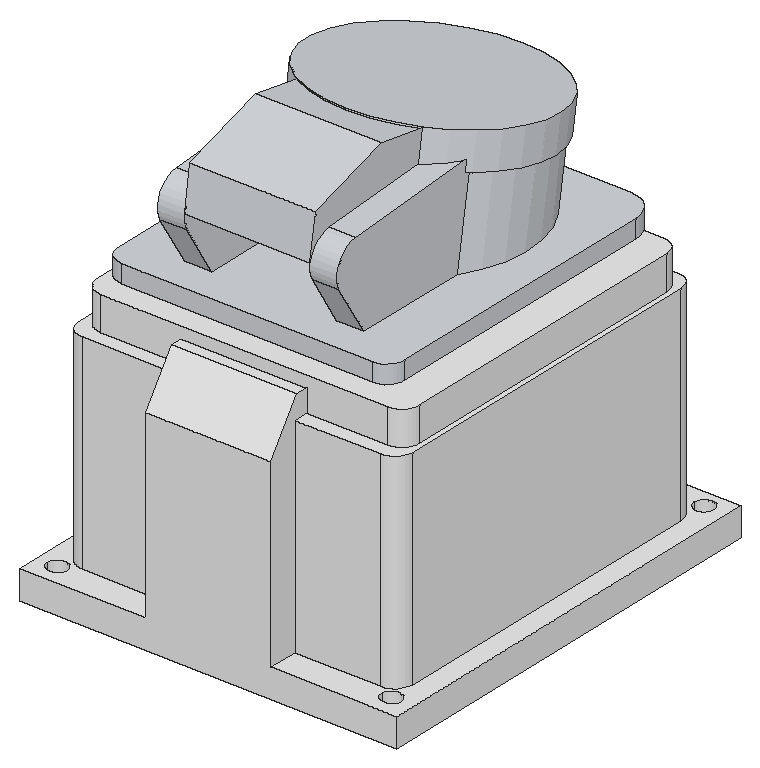
Revit family "Building-IEC309Connections-GEWISS-IEC309HP-10°_SURFACE-MOUNT_SOCKET_32A_IP67", category Apparecchi elettrici, host Superficie, Revit 2019
Family settings
  Host = Superficie
  Mantenere orientamento annotazione = Sì
  Quota connettore circolare = Usa diametro
  Tipo di parte = Normale
  Taglio con vuoti quando caricato = No
  Condiviso = No
  Punto di calcolo locali = Sì
Parameters (values of type "GW62556 - IP67 10°W.RECEPTACLE 3P+E 32A 380V 3H")
  simbolo acceso [instance] = yes
  distanza_simbolo [instance] = 1 mm
  distanza dal piano [instance] = 0 mm
  W = 115 mm  # constant formula
  Version file RFA = "21.11"
  URL = "https://www.gewiss.com/ww/en"
  Typology = "10° angled surface-mounting socket-outlet"
  Type of wiring = "With screw"
  Total number of operations = "-2000"
  Thermo-pressure with ball = "125 °C (active parts) - 80 °C (passive parts)"
  Terminal tightening capacity = "2.5-6mm² flexible cables - 2.5-10mm² rigid cables"
  Technical sheet = "https://www.gewiss.com/ww/en/search?q=GW62556"
  Spostamento_effettivo_S [instance] = 4000 mm - Spostamento_S  # 3045 mm
  Spostamento_S = 955 mm
  Sportello_visibile = yes
  Shock resistance = "IK08"
  SPinotto = Default(2)
  SEO = "Socket outlet"
  Reference h = "3"
  Realized by GEWISS S.p.A. = ""
  Rated voltage = "380-440V"
  Rated current (A) = "32"
  Prospetto di default = 500 mm
  Produttore = "GEWISS S.p.A."
  Piastra = Default(2)
  Permissible overload = "42A"
  Operating temperature: = "-25 +55 °C"
  No. of poles = "3P+E"
  Modello = "GW62556"
  L = 155 mm  # constant formula
  Insulation resistance = "- 10 M?"
  Immagine tipo = (empty or 0)
  IP degree = "IP67"
  IDT = "a26e6f27ce1c4ce1acf7a3737c6fb816"
  IDF = "70548aa2-ccde-4a04-a935-6f21e69494e9"
  Glow wire test: = "850 °C (active parts) - 650 °C (passive parts)"
  Frequency = "50/60 Hz"
  FORMULA = 1000 mm * 1  # 1000 mm
  Electrocod = "2211"
  Description = "IP67 10°W.RECEPTACLE 3P+E 32A 380V 3H"
  Corpo centrale = Default(2)
  Colour: = "Red"
  Catalogue = "BUILDING"
  COBie.Tagnumber = ""
  COBie.CreatedOn = ""
  COBie.CreatebBy = ""
  COBie.ComponentRegisterItemID = ""
  COBie.Component.TagNumber = ""
  COBie.Component.Space = ""
  COBie.Component.SerialNumber = ""
  COBie.Component.InstallationDate = ""
  COBie.Component.Description = ""
  COBie.Component.BarCode = ""
  Breaking capacity at 1.1 Un = "40A"
  BLOCCO = "B=C"
Types (12, lengths in mm): name | Technical sheet | Reference h | Rated voltage | No. of poles | Modello | IDT | Description | Colour:
  GW62434 - IP67 10°W.RECEPTACLE 2P+E 32A 110V 4H | "https://www.gewiss.com/ww/en/search?q=GW62434" | "4" | "100-130V" | "2P+E" | "GW62434" | "986c39143f9c445bb3cac702ed56fa4a" | "IP67 10°W.RECEPTACLE 2P+E 32A 110V 4H" | "Yellow"
  GW62435 - IP67 10°W.RECEPTACLE 3P+E 32A 110V 4H | "https://www.gewiss.com/ww/en/search?q=GW62435" | "4" | "100-130V" | "3P+E" | "GW62435" | "452de1b4badb4e488309a17f806bfc51" | "IP67 10°W.RECEPTACLE 3P+E 32A 110V 4H" | "Yellow"
  GW62436 - IP67 10°W.RECEPTACLE 3P+N+T 32A 110V 4H | "https://www.gewiss.com/ww/en/search?q=GW62436" | "4" | "100-130V" | "3P+N+E" | "GW62436" | "00c5db75744042ec83027d165567999a" | "IP67 10°W.RECEPTACLE 3P+N+T 32A 110V 4H" | "Yellow"
  GW62437 - IP67 10°W.RECEPTACLE 2P+E 32A 230V 6H | "https://www.gewiss.com/ww/en/search?q=GW62437" | "6" | "200-250V" | "2P+E" | "GW62437" | "5ac0320e34bb4a4eaab190f58d3ebf28" | "IP67 10°W.RECEPTACLE 2P+E 32A 230V 6H" | "Blue"
  GW62438 - IP67 10°W.RECEPTACLE 3P+E 32A 230V 9H | "https://www.gewiss.com/ww/en/search?q=GW62438" | "9" | "200-250V" | "3P+E" | "GW62438" | "cab6474b4e844bba955fc98f17608af1" | "IP67 10°W.RECEPTACLE 3P+E 32A 230V 9H" | "Blue"
  GW62439 - IP67 10°W.RECEPTACLE 3P+N+T 32A 230V 9H | "https://www.gewiss.com/ww/en/search?q=GW62439" | "9" | "200-250V" | "3P+N+E" | "GW62439" | "4628fdc84d1548bda3f713b52f0bd3d8" | "IP67 10°W.RECEPTACLE 3P+N+T 32A 230V 9H" | "Blue"
  GW62440 - IP67 10°W.RECEPTACLE 2P+E 32A 400V 9H | "https://www.gewiss.com/ww/en/search?q=GW62440" | "9" | "380-415V" | "2P+E" | "GW62440" | "dec06a8d713645869f1b7bed8814f368" | "IP67 10°W.RECEPTACLE 2P+E 32A 400V 9H" | "Red"
  GW62441 - IP67 10°W.RECEPTACLE 3P+E 32A 400V 6H | "https://www.gewiss.com/ww/en/search?q=GW62441" | "6" | "380-415V" | "3P+E" | "GW62441" | "93e5dbc87a5649be9e448fb37e4556a5" | "IP67 10°W.RECEPTACLE 3P+E 32A 400V 6H" | "Red"
  GW62442 - IP67 10°W.RECEPTACLE 3P+N+T 32A 400V 6H | "https://www.gewiss.com/ww/en/search?q=GW62442" | "6" | "380-415V" | "3P+N+E" | "GW62442" | "7aed0b2448fd483ab265c5073648dcbe" | "IP67 10°W.RECEPTACLE 3P+N+T 32A 400V 6H" | "Red"
  GW62556 - IP67 10°W.RECEPTACLE 3P+E 32A 380V 3H | "https://www.gewiss.com/ww/en/search?q=GW62556" | "3" | "380-440V" | "3P+E" | "GW62556" | "a26e6f27ce1c4ce1acf7a3737c6fb816" | "IP67 10°W.RECEPTACLE 3P+E 32A 380V 3H" | "Red"
  GW62443 - IP67 10°W.RECEPTACLE 3P+E 32A 500V 7H | "https://www.gewiss.com/ww/en/search?q=GW62443" | "7" | "480-500V" | "3P+E" | "GW62443" | "353563d947574bae85385f5dd1700681" | "IP67 10°W.RECEPTACLE 3P+E 32A 500V 7H" | "Black"
  GW62444 - IP67 10°W.RECEPTACLE 3P+N+T 32A 500V 7H | "https://www.gewiss.com/ww/en/search?q=GW62444" | "7" | "480-500V" | "3P+N+E" | "GW62444" | "f0e200fa9ca54c6baa2ba78b5d8a27fd" | "IP67 10°W.RECEPTACLE 3P+N+T 32A 500V 7H" | "Black"
Reference planes
  plane 1 "Centro (Fronte/Retro)": y = 0
  plane 2: z = 0
  plane 3 "Centro (Sinistra/Destra)": x = 0
  plane 4: x = -3000
  plane 5: x = 45
  plane 6: z = 0
Dimensions and locks
  plane 4 to plane 3 "Centro (Sinistra/Destra)" = 3000 mm
  "Spostamento_effettivo_S": plane 4 to plane 5
  "distanza dal piano": plane 6 to plane 2
  aligned and locked: plane 2 to host face
  aligned and locked: level to host face
  aligned and locked: plane 3 "Centro (Sinistra/Destra)" to nested 1
  aligned and locked: plane 1 "Centro (Fronte/Retro)" to nested 1
  aligned and locked: nested 2 to plane 5
  aligned and locked: plane 1 "Centro (Fronte/Retro)" to nested 3
  aligned and locked: plane 3 "Centro (Sinistra/Destra)" to nested 3
Automatic sketch dimensions
  host sketch curve to host sketch curve = 2438.4 mm  (x2)
Nested families
  nested 1: "IEC309 PRESE FISSE PARETE 10' 16A IP44_BASE" at (0, 0, 0), type "IEC309 PRESE FISSE PARETE 10' 16A IP44_BASE"
  nested 2: "GWGW62201FH - SIMBOLO_PRESA" at (45, 171.559, 0), visible <- "simbolo acceso", Distanza dal muro <- "distanza_simbolo", type "3P"
    with SIMBOLO ACCESO yes, Distanza dal muro 1 mm
  nested 3: "GW62412_dett_presa front" at (0, 3.479, 0), type "GW62412_dett_presa front"
Connectors
  electrical at (37.5, 30, 0)
    settings: on nested 1, index 1, voltage 0 V, apparent load 0 VA, apparent load phase1 0 VA, apparent load phase2 0 VA, apparent load phase3 0 VA, power factor 1, load classification "Altro", number of poles 1, system type 31, power factor state 1, is connector primary yes, connector utility no, sub classification motor no, connector description ""
Definition of nested family "IEC309 PRESE FISSE PARETE 10' 16A IP44_BASE"
  Parameters (values of type "IEC309 PRESE FISSE PARETE 10' 16A IP44_BASE")
    sp_ghiera = 16 mm
    r2 = 39 mm
    h = 120 mm  # constant formula
    dis_base = 71 mm
    Sportello = yes
    Spinotto = none
    R1 = 42 mm
    PIASTRA = none
    Lunghezza totale = 140 mm
    CENTRALE = none
    Bsae = 105 mm  # constant formula
  Reference planes
    plane 1 "Centro (Fronte/Retro)": y = 0
    plane 2: z = 0
    plane 3 "Centro (Sinistra/Destra)": x = 0
    plane 4: x = 105
    plane 5: y = 120
    plane 6: x = 52.5
    plane 7: y = 114.875
    plane 8: y = 5.75
    plane 9: x = 5.75
    plane 10: x = 99
    plane 11: z = 8
    plane 12: y = 111.673
    plane 13: y = 8.334
    plane 14: z = 66
    plane 15: x = 7.498
    plane 16: y = 108.673
    plane 17: x = 97.498
    plane 18: y = 12.508
    plane 19: z = 75.463
    plane 20: x = 27.511
    plane 21: x = 32.023
    plane 22: x = 77.489
    plane 23: x = 72.977
    plane 24: x = 35.01
    plane 25: x = 69.99
    plane 26: x = 12.474
    plane 27: y = 107.576
    plane 28: x = 92.474
    plane 29: y = 13.508
  Forms (mm)
    Extrusion 1, solid, material <- "PIASTRA"
      sketch origin (0, 0, 0) x (1, 0, 0) y (0, 1, 0)
        loop
          line (0, 120) -> (0, 0) -> (105, 0) -> (105, 120) -> (0, 120)
      from 0 to 8
    Extrusion 2, void
      sketch origin (0, 0, 0) x (1, 0, 0) y (0, 1, 0)
        loop
          circle (5.75, 114.875) r 2.8
        loop
          circle (99, 114.875) r 2.8
        loop
          circle (5.75, 5.75) r 2.8
        loop
          circle (99, 5.75) r 2.8
      from 0 to 8
    Extrusion 3, solid, material <- "PIASTRA"
      sketch origin (0, 0, 0) x (1, 0, 0) y (0, 1, 0)
        loop
          line (5.75, 106.673) -> (5.75, 13.334)
          arc (5.75, 13.334) -> (7.214, 9.799) -> (10.75, 8.334) r 5
          line (10.75, 8.334) -> (94, 8.334)
          arc (94, 8.334) -> (97.536, 9.799) -> (99, 13.334) r 5
          line (99, 13.334) -> (99, 106.673)
          arc (99, 106.673) -> (97.536, 110.208) -> (94, 111.673) r 5
          line (94, 111.673) -> (10.75, 111.673)
          arc (10.75, 111.673) -> (7.214, 110.208) -> (5.75, 106.673) r 5
      from 8 to 66
    Extrusion 4, solid, material <- "PIASTRA"
      sketch origin (0, 0, 0) x (1, 0, 0) y (0, 1, 0)
        loop
          arc (12.498, 108.673) -> (8.962, 107.208) -> (7.498, 103.673) r 5
          line (7.498, 103.673) -> (7.498, 17.508)
          arc (7.498, 17.508) -> (8.962, 13.972) -> (12.498, 12.508) r 5
          line (12.498, 12.508) -> (92.498, 12.508)
          arc (92.498, 12.508) -> (96.033, 13.972) -> (97.498, 17.508) r 5
          line (97.498, 17.508) -> (97.498, 103.673)
          arc (97.498, 103.673) -> (96.033, 107.208) -> (92.498, 108.673) r 5
          line (92.498, 108.673) -> (12.498, 108.673)
      from 66 to 75.463
    Extrusion 5, solid, material <- "PIASTRA"
      sketch origin (0, 110, 0) x (0, -1, 0) y (0, 0, -1)
        loop
          line (-10, 0) -> (-10, -59.349) -> (-0.915, -72.253) -> (2.903, -72.253) -> (2.903, 0) -> (-10, 0)
      from 35.01 to 69.99
    Extrusion 6, solid, material <- "PIASTRA"
      sketch origin (0, 10, 0) x (0, 1, 0) y (0, 0, 1)
        loop
          line (-10, 0) -> (2.508, 0) -> (2.508, 72.253) -> (-0.915, 72.253) -> (-10, 59.349) -> (-10, 0)
      from 35.01 to 69.99
    Extrusion 7, solid
      sketch origin (0, 0, 0) x (1, 0, 0) y (0, 1, 0)
        loop
          arc (12.474, 18.508) -> (13.938, 14.972) -> (17.474, 13.508) r 5
          line (17.474, 13.508) -> (87.474, 13.508)
          arc (87.474, 13.508) -> (91.009, 14.972) -> (92.474, 18.508) r 5
          line (92.474, 18.508) -> (92.474, 99.118)
          arc (92.474, 99.118) -> (89.997, 105.099) -> (84.016, 107.576) r 8.458
          line (84.016, 107.576) -> (17.474, 107.576)
          arc (17.474, 107.576) -> (13.938, 106.111) -> (12.474, 102.576) r 5
          line (12.474, 102.576) -> (12.474, 18.508)
      from 79.524 to 84.524
    Sweep 8, solid
      path origin (0, 0, 0) x (0, 1, 0) y (0, 0, 1)
        loop
          line (76.838, 105.496) -> (78.575, 115.349)
      profile origin (0, 77.707, 110.423) x (0, -0.984808, 0.173648) y (1, 0, 0)
        loop
          circle (0, 52.5) r 31.5
    Extrusion 9, solid
      sketch origin (0, 0, 0) x (0, 1, 0) y (0, 0, 1)
        loop
          arc (13.666, 103.089) -> (15.893, 107.235) -> (20.216, 109.093) r 7.136
          line (20.216, 109.093) -> (51.287, 111.282) -> (52.751, 119.59) -> (38.491, 122.104) -> (15.564, 115.091) -> (13.666, 103.089)
      from 35.01 to 69.99
    Sweep 10, solid
      path origin (0, 0, 0) x (0, 1, 0) y (0, 0, 1)
        loop
          line (76.838, 105.496) -> (72.258, 79.524)
      profile origin (0, 74.548, 92.51) x (0, 0.984808, -0.173648) y (1, 0, 0)
        loop
          circle (0, 52.5) r 30.5
    Extrusion 11, solid
      sketch origin (0, 0, 0) x (0, 1, 0) y (0, 0, 1)
        loop
          arc (20.216, 109.093) -> (14.465, 105.419) -> (14.43, 98.594) r 7.136
          line (14.43, 98.594) -> (23.098, 84.524) -> (56.917, 84.524) -> (61.765, 112.02) -> (20.216, 109.093)
      from 27.511 to 35.01
    Extrusion 12, solid
      sketch origin (105, 0, 0) x (0, 1, 0) y (0, 0, -1)
        loop
          line (20.216, -109.093) -> (61.765, -112.02) -> (56.917, -84.524) -> (23.098, -84.524) -> (14.43, -98.594)
          arc (14.43, -98.594) -> (14.465, -105.419) -> (20.216, -109.093) r 7.136
      from 27.511 to 35.01
  Cuts and joins
    Extrusion 2 cuts Extrusion 1
    joined: Extrusion 1, Extrusion 3, Extrusion 5, Extrusion 6
    joined: Extrusion 7, Sweep 10, Extrusion 11, Extrusion 12
  Dimensions and locks
    plane 3 "Centro (Sinistra/Destra)" to plane 4 = 105 mm
    plane 1 "Centro (Fronte/Retro)" to plane 5 = 120 mm
    equal spacing: plane 3 "Centro (Sinistra/Destra)", plane 6, plane 4
    locked: plane 3 "Centro (Sinistra/Destra)" to plane 9 at 5.75
    locked: plane 10 to plane 4 at 6
    locked: plane 1 "Centro (Fronte/Retro)" to plane 8 at 5.75
    locked: plane 5 to plane 7 at 5.125
    locked: plane 11 to level at 8
    "Bsae": plane 3 "Centro (Sinistra/Destra)" to plane 4
    "h": plane 1 "Centro (Fronte/Retro)" to plane 5
    locked: plane 12 to plane 7 at 3.202
    locked: plane 8 to plane 13 at 2.584
    locked: plane 14 to plane 11 at 58
    locked: plane 17 to plane 10 at 1.502
    locked: plane 20 to plane 21 at 4.513
    locked: plane 23 to plane 22 at 4.513
    equal spacing: plane 20, plane 6, plane 22
    locked: plane 12 to plane 16 at 3
    equal spacing: plane 24, plane 6, plane 25
    plane 24 to plane 25 = 34.979 mm
    locked: plane 16 to plane 27 at 1.097
    locked: plane 9 to plane 26 at 6.724
    locked: plane 28 to plane 10 at 6.526
    plane 18 to plane 29 = 1 mm
    diameter of cut or joined group of Extrusion 1, Extrusion 2, Extrusion 3, Extrusion 5, Extrusion 6 = 5.6 mm
    radius of Extrusion 3 sketch curve = 5 mm  (x3)
    radius of Extrusion 4 sketch curve = 5 mm  (x3)
    radius of Extrusion 7 sketch curve = 5 mm  (x3)
    radius of Extrusion 7 sketch curve = 8.458 mm
    aligned and locked: level to plane 2
    aligned and locked: Extrusion 1 sketch curve to plane 3 "Centro (Sinistra/Destra)"
    aligned and locked: Extrusion 1 sketch curve to plane 5
    aligned and locked: Extrusion 1 sketch curve to plane 4
    aligned and locked: Extrusion 1 sketch curve to plane 1 "Centro (Fronte/Retro)"
    aligned and locked: plane 11 to Extrusion 1
    aligned and locked: plane 9 to Extrusion 2 sketch curve  (x2)
    aligned and locked: plane 7 to Extrusion 2 sketch curve  (x2)
    aligned and locked: plane 10 to Extrusion 2 sketch curve  (x2)
    aligned and locked: plane 8 to Extrusion 2 sketch curve  (x2)
    aligned and locked: cut or joined group of Extrusion 1, Extrusion 2, Extrusion 3, Extrusion 5, Extrusion 6 to level
    aligned and locked: Extrusion 1 to Extrusion 2
    aligned and locked: Extrusion 3 sketch curve to plane 9
    aligned and locked: Extrusion 3 sketch curve to plane 10
    aligned and locked: Extrusion 3 sketch curve to plane 13
    aligned and locked: plane 12 to Extrusion 3 sketch curve
    aligned and locked: plane 14 to Extrusion 3
    aligned and locked: Extrusion 3 to plane 11
    aligned and locked: Extrusion 4 sketch curve to plane 16
    aligned and locked: Extrusion 4 sketch curve to plane 15
    aligned and locked: Extrusion 4 sketch curve to plane 17
    aligned and locked: Extrusion 4 sketch curve to plane 18
    aligned and locked: Extrusion 4 to plane 14
    aligned and locked: Extrusion 4 to plane 19
    aligned and locked: Extrusion 5 to plane 25
    aligned and locked: Extrusion 5 to plane 24
    aligned and locked: Extrusion 7 sketch curve to plane 26
    aligned and locked: Extrusion 7 sketch curve to plane 27
    aligned and locked: Extrusion 7 sketch curve to plane 28
    aligned and locked: plane 29 to Extrusion 7 sketch curve
    aligned and locked: Extrusion 6 sketch curve to plane 18
    aligned and locked: plane 6 to Sweep 8 sketch curve
    aligned and locked: plane 24 to Extrusion 9
    aligned and locked: Extrusion 9 to plane 25
    aligned and locked: plane 6 to Sweep 10 sketch curve
    aligned and locked: Extrusion 11 sketch curve to Extrusion 9  (x2)
    aligned and locked: Extrusion 7 to Extrusion 11 sketch curve
    aligned and locked: Extrusion 11 to plane 20
    aligned and locked: Extrusion 11 to cut or joined group of Extrusion 1, Extrusion 2, Extrusion 3, Extrusion 5, Extrusion 6
  Automatic sketch dimensions
    plane 26 to Extrusion 3 sketch curve = 1.724 mm
    Extrusion 4 sketch curve to plane 26 = 0.024 mm
    Extrusion 5 sketch curve to level = 0 mm
    Extrusion 5 sketch curve to plane 5 = 0 mm
    Extrusion 5 sketch curve to plane 12 = 0.758 mm
    plane 27 to Extrusion 5 sketch curve = 0.479 mm
    plane 14 to Extrusion 5 sketch curve = 6.651 mm
    Extrusion 5 sketch curve to plane 19 = 3.211 mm
    Extrusion 6 sketch curve to level = 0 mm
    Extrusion 6 sketch curve to plane 1 "Centro (Fronte/Retro)" = 0 mm
    Extrusion 6 sketch curve to plane 13 = 0.751 mm
    Extrusion 6 sketch curve to plane 14 = 6.651 mm
    Extrusion 7 sketch curve to Extrusion 7 sketch curve = 0 mm
    Sweep 8 sketch curve to plane 27 = 30.738 mm
    Sweep 8 sketch curve to plane 19 = 30.033 mm
    Sweep 8 sketch curve to Sweep 8 sketch curve = 1.737 mm
    Sweep 8 sketch curve to Sweep 8 sketch curve = 9.852 mm
    Sweep 8 sketch curve to profile plane = 0 mm
    Extrusion 9 sketch curve to Extrusion 9 sketch curve = 18.275 mm
    Extrusion 9 sketch curve to plane 19 = 35.818 mm
    Extrusion 9 sketch curve to Extrusion 9 sketch curve = 1.465 mm
    Extrusion 9 sketch curve to Extrusion 9 sketch curve = 8.308 mm
    plane 29 to Extrusion 9 sketch curve = 0.158 mm
    Extrusion 9 sketch curve to Extrusion 9 sketch curve = 0 mm  (x2)
    Sweep 10 sketch curve to plane 19 = 4.061 mm
    Sweep 10 sketch curve to plane 27 = 35.317 mm
    Sweep 10 sketch curve to Sweep 10 sketch curve = 4.58 mm
    Sweep 10 sketch curve to Sweep 10 sketch curve = 25.972 mm
    Sweep 10 sketch curve to profile plane = 0 mm
    Extrusion 11 sketch curve to Extrusion 11 sketch curve = 33.818 mm
    Extrusion 11 sketch curve to plane 19 = 36.557 mm
    plane 29 to Extrusion 12 sketch curve = 0.922 mm
    plane 29 to Extrusion 12 sketch curve = 6.708 mm
    Extrusion 12 sketch curve to Extrusion 12 sketch curve = 0.498 mm
    plane 29 to Extrusion 12 sketch curve = 9.591 mm
    Extrusion 12 sketch curve to plane 19 = 9.061 mm
    Extrusion 12 sketch curve to Extrusion 12 sketch curve = 33.818 mm
    Extrusion 12 sketch curve to Extrusion 12 sketch curve = 4.848 mm
    Extrusion 12 sketch curve to Extrusion 12 sketch curve = 14.07 mm
    Extrusion 12 sketch curve to Extrusion 12 sketch curve = 3.38 mm
    Extrusion 12 sketch curve to Extrusion 12 sketch curve = 27.496 mm
    plane 19 to Extrusion 6 sketch curve = 3.211 mm
    plane 29 to Extrusion 9 sketch curve = 2.056 mm
    plane 29 to Extrusion 9 sketch curve = 6.708 mm
    Extrusion 9 sketch curve to Extrusion 9 sketch curve = 7.048 mm
    Extrusion 9 sketch curve to Extrusion 9 sketch curve = 12.795 mm
    Extrusion 9 sketch curve to Extrusion 9 sketch curve = 2.189 mm
    Extrusion 9 sketch curve to Extrusion 9 sketch curve = 7.118 mm
    Extrusion 9 sketch curve to Extrusion 9 sketch curve = 5.998 mm
    Extrusion 9 sketch curve to Extrusion 9 sketch curve = 2.514 mm
    plane 29 to Extrusion 11 sketch curve = 0.922 mm
    plane 29 to Extrusion 11 sketch curve = 9.591 mm
    radius of Extrusion 2 sketch curve = 2.8 mm  (x4)
    radius of Sweep 8 sketch curve = 31.5 mm
    radius of Sweep 10 sketch curve = 30.5 mm
Definition of nested family "GWGW62201FH - SIMBOLO_PRESA"
  Parameters (values of type "3P")
    SIMBOLO ACCESO [instance] = yes
    Distanza dal muro [instance] = 0 mm
  Reference planes
    plane 1: y = 0
    plane 2: x = 0
  Dimensions and locks
    "Distanza dal muro": plane 1 to nested 1
    aligned and locked: plane 2 to nested 1
  Nested families
    nested 1: "GWGW62201FH - SIMBOLO" at (0, 0, 0), visible <- "SIMBOLO ACCESO", type "3P"
  Definition of nested family "GWGW62201FH - SIMBOLO"
    Parameters (values of type "3P")
      CORNICE SIMBOLO [instance] = yes
      3P = yes
    Reference planes
      plane 1: y = 0
      plane 2: x = 0
    Lines and regions (mm)
      detail lines
        curve 1: circle (-0.314, 0.674, 0) r 0.057 normal (0, 0, 1)
        curve 2: arc (0.346, -0.009, 0) -> (0, 0.337, 0) -> (-0.346, -0.009, 0) r 0.346
        curve 3: line (0, 0.337, 0) -> (0.346, 0.337, 0)
        curve 4: line (0, 3.386, 0) -> (0, 0.337, 0)
        curve 5: line (0, 0.337, 0) -> (-0.314, 0.674, 0)
Definition of nested family "GW62412_dett_presa front"
  Reference planes
    plane 1 "Centro (Fronte/Retro)": y = 0
    plane 2: z = 0
    plane 3 "Centro (Sinistra/Destra)": x = 0
  Lines and regions (mm)
    detail lines, in view "Livello rif."
      curve 1: arc (74.277, 69.357, 0) -> (52.474, 77.362, 0) -> (30.67, 69.357, 0) r 33.699
      curve 2: spline (30.67, 70.944, 0) -> (28.735, 69.156, 0) -> (26.952, 67.222, 0) -> (25.33, 65.154, 0) -> (23.88, 62.966, 0) -> (22.612, 60.671, 0) -> (21.534, 58.284, 0) -> (20.652, 55.82, 0) -> (19.972, 53.294, 0) -> (19.498, 50.723, 0) -> (19.233, 48.123, 0) -> (19.18, 45.511, 0) -> (19.338, 42.903, 0)
      curve 3: spline (85.61, 42.911, 0) -> (85.767, 45.518, 0) -> (85.713, 48.13, 0) -> (85.448, 50.729, 0) -> (84.974, 53.299, 0) -> (84.294, 55.824, 0) -> (83.412, 58.287, 0) -> (82.333, 60.674, 0) -> (81.066, 62.968, 0) -> (79.616, 65.156, 0) -> (77.995, 67.223, 0) -> (76.211, 69.157, 0) -> (74.277, 70.944, 0)
      curve 4: spline (31.986, 99.872, 0) -> (31.814, 99.86, 0) -> (31.645, 99.826, 0) -> (31.482, 99.769, 0) -> (31.328, 99.691, 0) -> (31.185, 99.593, 0) -> (31.055, 99.476, 0) -> (30.942, 99.344, 0) -> (30.846, 99.197, 0) -> (30.77, 99.038, 0) -> (30.715, 98.871, 0) -> (30.681, 98.698, 0) -> (30.67, 98.521, 0)
      curve 5: line (31.17, 79.876, 0) -> (30.788, 79.987, 0)
      curve 6: line (31.307, 79.868, 0) -> (30.788, 79.987, 0)
      curve 7: line (73.643, 79.874, 0) -> (31.307, 79.868, 0)
      curve 8: line (73.779, 79.883, 0) -> (74.16, 79.994, 0)
      curve 9: line (73.643, 79.874, 0) -> (74.16, 79.994, 0)
      curve 10: spline (74.277, 98.521, 0) -> (74.266, 98.698, 0) -> (74.232, 98.871, 0) -> (74.177, 99.039, 0) -> (74.101, 99.197, 0) -> (74.005, 99.344, 0) -> (73.892, 99.477, 0) -> (73.762, 99.593, 0) -> (73.619, 99.691, 0) -> (73.464, 99.769, 0) -> (73.301, 99.826, 0) -> (73.132, 99.86, 0) -> (72.96, 99.872, 0)
      curve 11: spline (78.446, 44.022, 0) -> (77.561, 50.642, 0) -> (74.967, 56.811, 0) -> (70.839, 62.109, 0) -> (65.46, 66.173, 0) -> (59.196, 68.729, 0) -> (52.474, 69.6, 0) -> (45.751, 68.729, 0) -> (39.487, 66.173, 0) -> (34.108, 62.109, 0) -> (29.98, 56.811, 0) -> (27.386, 50.642, 0) -> (26.501, 44.022, 0) -> (27.386, 37.402, 0) -> (29.98, 31.233, 0) -> (34.108, 25.935, 0) -> (39.487, 21.87, 0) -> (45.751, 19.315, 0) -> (52.474, 18.444, 0) -> (59.196, 19.315, 0) -> (65.46, 21.87, 0) -> (70.839, 25.935, 0) -> (74.967, 31.233, 0) -> (77.561, 37.402, 0) -> (78.446, 44.022, 0)
      curve 12: arc (19.505, 41.246, 0) -> (20.828, 34.911, 0) -> (23.388, 28.967, 0) r 32.303
      curve 13: arc (23.387, 28.966, 0) -> (26.643, 24.163, 0) -> (30.695, 20.01, 0) r 32.746
      curve 14: arc (30.857, 19.805, 0) -> (31.078, 19.376, 0) -> (31.309, 18.951, 0) r 22.139
      curve 15: line (74.253, 20.011, 0) -> (31.309, 18.951, 0)
      curve 16: spline (74.253, 20.011, 0) -> (75.871, 21.5, 0) -> (77.385, 23.091, 0) -> (78.789, 24.778, 0) -> (80.076, 26.554, 0) -> (81.241, 28.409, 0) -> (82.278, 30.336, 0) -> (83.184, 32.326, 0) -> (83.953, 34.371, 0) -> (84.583, 36.461, 0) -> (85.07, 38.587, 0) -> (85.413, 40.74, 0) -> (85.61, 42.911, 0)
      curve 17: arc (30.237, 74.6, 0) -> (30.557, 75.043, 0) -> (30.67, 75.578, 0) r 1.321
      curve 18: spline (30.237, 74.6, 0) -> (28.626, 73.008, 0) -> (27.126, 71.308, 0) -> (25.744, 69.508, 0) -> (24.485, 67.617, 0) -> (23.356, 65.643, 0) -> (22.362, 63.595, 0) -> (21.507, 61.483, 0) -> (20.796, 59.317, 0) -> (20.232, 57.106, 0) -> (19.817, 54.862, 0) -> (19.553, 52.593, 0) -> (19.442, 50.311, 0)
      curve 19: spline (85.505, 50.311, 0) -> (85.394, 52.595, 0) -> (85.13, 54.865, 0) -> (84.714, 57.112, 0) -> (84.149, 59.324, 0) -> (83.437, 61.492, 0) -> (82.581, 63.605, 0) -> (81.585, 65.654, 0) -> (80.454, 67.629, 0) -> (79.194, 69.522, 0) -> (77.809, 71.322, 0) -> (76.307, 73.022, 0) -> (74.694, 74.614, 0)
      curve 20: arc (74.277, 75.578, 0) -> (74.386, 75.053, 0) -> (74.694, 74.614, 0) r 1.321
      curve 21: line (74.277, 69.357, 0) -> (74.277, 78.193, 0)
      curve 22: line (74.277, 78.193, 0) -> (74.277, 98.521, 0)
      curve 23: line (30.67, 98.521, 0) -> (30.67, 78.193, 0)
      curve 24: line (30.67, 78.193, 0) -> (30.67, 69.357, 0)
      curve 25: line (31.986, 99.872, 0) -> (35.493, 99.872, 0)
      curve 26: line (35.493, 99.872, 0) -> (36.167, 99.872, 0)
      curve 27: line (36.167, 99.872, 0) -> (68.782, 99.872, 0)
      curve 28: line (68.782, 99.872, 0) -> (69.454, 99.872, 0)
      curve 29: line (69.454, 99.872, 0) -> (72.96, 99.872, 0)
      curve 30: line (19.505, 41.246, 0) -> (19.338, 42.903, 0)
      curve 31: arc (84.55, 7.455, 0) -> (90.155, 9.826, 0) -> (92.47, 15.455, 0) r 8
      curve 32: arc (12.47, 15.455, 0) -> (14.785, 9.826, 0) -> (20.39, 7.455, 0) r 8
      curve 33: circle (82.469, 90.102, 0) r 2.09 normal (0, 0, 1)
      curve 34: circle (22.469, 90.102, 0) r 2.072 normal (0, 0, 1)
      curve 35: circle (22.469, 20.094, 0) r 2.068 normal (0, 0, 1)
      curve 36: circle (82.468, 20.094, 0) r 2.075 normal (0, 0, 1)
      curve 37: line (72.295, 30.252, 0) -> (71.634, 29.591, 0)
      curve 38: spline (33.313, 29.591, 0) -> (36.445, 29.452, 0) -> (39.611, 29.337, 0) -> (42.803, 29.248, 0) -> (46.016, 29.185, 0) -> (49.241, 29.146, 0) -> (52.474, 29.133, 0) -> (55.706, 29.146, 0) -> (58.932, 29.185, 0) -> (62.144, 29.248, 0) -> (65.336, 29.337, 0) -> (68.502, 29.452, 0) -> (71.634, 29.591, 0)
      curve 39: line (33.313, 29.591, 0) -> (32.652, 30.252, 0)
      curve 40: spline (71.634, 29.605, 0) -> (71.721, 29.614, 0) -> (71.805, 29.633, 0) -> (71.887, 29.663, 0) -> (71.965, 29.703, 0) -> (72.036, 29.751, 0) -> (72.101, 29.808, 0) -> (72.158, 29.873, 0) -> (72.206, 29.943, 0) -> (72.245, 30.019, 0) -> (72.272, 30.098, 0) -> (72.289, 30.18, 0) -> (72.295, 30.263, 0)
      curve 41: spline (32.652, 30.263, 0) -> (32.658, 30.18, 0) -> (32.675, 30.098, 0) -> (32.702, 30.019, 0) -> (32.741, 29.943, 0) -> (32.789, 29.873, 0) -> (32.846, 29.808, 0) -> (32.911, 29.751, 0) -> (32.982, 29.703, 0) -> (33.06, 29.663, 0) -> (33.142, 29.633, 0) -> (33.227, 29.614, 0) -> (33.313, 29.605, 0)
      curve 42: line (32.652, 57.58, 0) -> (33.306, 58.218, 0)
      curve 43: spline (33.306, 58.218, 0) -> (36.44, 58.079, 0) -> (39.607, 57.965, 0) -> (42.8, 57.876, 0) -> (46.013, 57.812, 0) -> (49.24, 57.774, 0) -> (52.474, 57.761, 0) -> (55.707, 57.774, 0) -> (58.934, 57.812, 0) -> (62.147, 57.876, 0) -> (65.34, 57.965, 0) -> (68.507, 58.079, 0) -> (71.641, 58.218, 0)
      curve 44: line (71.641, 58.218, 0) -> (72.295, 57.58, 0)
      curve 45: arc (20.474, 102.411, 0) -> (14.817, 100.068, 0) -> (12.474, 94.411, 0) r 8
      curve 46: line (75.894, 3.927, 0) -> (75.894, -5.164, 0)
      curve 47: line (40.888, 2.242, 0) -> (40.888, -3.479, 0)
      curve 48: line (40.888, -3.479, 0) -> (64.112, -3.479, 0)
      curve 49: line (64.112, -3.479, 0) -> (64.112, 2.242, 0)
      curve 50: line (64.112, 2.242, 0) -> (40.888, 2.242, 0)
      curve 51: line (25.69, -5.164, 0) -> (25.69, 3.927, 0)
      curve 52: line (97.995, 9.084, 0) -> (97.771, 7.739, 0)
      curve 53: line (97.771, 7.739, 0) -> (97.315, 6.51, 0)
      curve 54: line (97.315, 6.51, 0) -> (95.413, 4.6, 0)
      curve 55: line (95.413, 4.6, 0) -> (94.176, 4.036, 0)
      curve 56: line (94.176, 4.036, 0) -> (92.831, 3.927, 0)
      curve 57: line (92.831, 3.927, 0) -> (12.275, 3.927, 0)
      curve 58: line (12.275, 3.927, 0) -> (10.922, 4.036, 0)
      curve 59: line (10.922, 4.036, 0) -> (9.693, 4.6, 0)
      curve 60: line (9.693, 4.6, 0) -> (8.68, 5.381, 0)
      curve 61: line (8.68, 5.381, 0) -> (7.783, 6.51, 0)
      curve 62: line (7.783, 6.51, 0) -> (7.335, 7.739, 0)
      curve 63: line (7.335, 7.739, 0) -> (7.111, 9.084, 0)
      curve 64: line (7.111, 9.084, 0) -> (7.111, 100.587, 0)
      curve 65: line (9.2, 1.229, 0) -> (8.976, 2.466, 0)
      curve 66: line (8.976, 2.466, 0) -> (8.303, 3.479, 0)
      curve 67: line (8.303, 3.479, 0) -> (7.29, 4.151, 0)
      curve 68: line (7.29, 4.151, 0) -> (6.053, 4.376, 0)
      curve 69: line (6.053, 4.376, 0) -> (4.932, 4.151, 0)
      curve 70: line (4.932, 4.151, 0) -> (3.92, 3.479, 0)
      curve 71: line (3.92, 3.479, 0) -> (3.247, 2.466, 0)
      curve 72: line (3.247, 2.466, 0) -> (3.031, 1.229, 0)
      curve 73: line (3.031, 1.229, 0) -> (3.247, 0.108, 0)
      curve 74: line (3.247, 0.108, 0) -> (3.92, -0.897, 0)
      curve 75: line (3.92, -0.897, 0) -> (4.932, -1.569, 0)
      curve 76: line (4.932, -1.569, 0) -> (6.053, -1.801, 0)
      curve 77: line (6.053, -1.801, 0) -> (7.29, -1.569, 0)
      curve 78: line (7.29, -1.569, 0) -> (8.303, -0.897, 0)
      curve 79: line (8.303, -0.897, 0) -> (8.976, 0.108, 0)
      curve 80: line (8.976, 0.108, 0) -> (9.2, 1.229, 0)
      curve 81: line (101.969, 1.229, 0) -> (101.745, 0.108, 0)
      curve 82: line (101.745, 0.108, 0) -> (101.073, -0.897, 0)
      curve 83: line (101.073, -0.897, 0) -> (100.06, -1.569, 0)
      curve 84: line (100.06, -1.569, 0) -> (98.94, -1.801, 0)
      curve 85: line (98.94, -1.801, 0) -> (97.703, -1.569, 0)
      curve 86: line (97.703, -1.569, 0) -> (96.697, -0.897, 0)
      curve 87: line (96.697, -0.897, 0) -> (96.024, 0.108, 0)
      curve 88: line (96.024, 0.108, 0) -> (95.8, 1.229, 0)
      curve 89: line (95.8, 1.229, 0) -> (96.024, 2.466, 0)
      curve 90: line (96.024, 2.466, 0) -> (96.697, 3.479, 0)
      curve 91: line (96.697, 3.479, 0) -> (97.703, 4.151, 0)
      curve 92: line (97.703, 4.151, 0) -> (98.94, 4.376, 0)
      curve 93: line (98.94, 4.376, 0) -> (100.06, 4.151, 0)
      curve 94: line (100.06, 4.151, 0) -> (101.073, 3.479, 0)
      curve 95: line (101.073, 3.479, 0) -> (101.745, 2.466, 0)
      curve 96: line (101.745, 2.466, 0) -> (101.969, 1.229, 0)
      curve 97: line (99.836, -5.164, 0) -> (101.181, -4.94, 0)
      curve 98: line (101.181, -4.94, 0) -> (102.418, -4.492, 0)
      curve 99: line (102.418, -4.492, 0) -> (103.431, -3.595, 0)
      curve 100: line (103.431, -3.595, 0) -> (104.327, -2.582, 0)
      curve 101: line (104.327, -2.582, 0) -> (104.776, -1.353, 0)
      curve 102: line (104.776, -1.353, 0) -> (105, 0, 0)
      curve 103: line (105, 0, 0) -> (105, 109.671, 0)
      curve 104: line (100.662, 114.769, 0) -> (99.836, 114.836, 0)
      curve 105: line (99.836, 114.836, 0) -> (5.156, 114.836, 0)
      curve 106: line (0, 109.39, 0) -> (0, 0, 0)
      curve 107: line (0, 0, 0) -> (0.224, -1.353, 0)
      curve 108: line (0.224, -1.353, 0) -> (0.672, -2.582, 0)
      curve 109: line (0.672, -2.582, 0) -> (1.569, -3.595, 0)
      curve 110: line (1.569, -3.595, 0) -> (2.574, -4.492, 0)
      curve 111: line (2.574, -4.492, 0) -> (3.811, -4.94, 0)
      curve 112: line (3.811, -4.94, 0) -> (5.156, -5.164, 0)
      curve 113: line (5.156, -5.164, 0) -> (99.836, -5.164, 0)
      curve 114: line (75.894, 114.836, 0) -> (75.894, 105.751, 0)
      curve 115: line (25.69, 114.836, 0) -> (25.69, 105.751, 0)
      curve 116: line (9.2, 108.442, 0) -> (8.976, 107.205, 0)
      curve 117: line (8.976, 107.205, 0) -> (8.303, 106.307, 0)
      curve 118: line (8.303, 106.307, 0) -> (7.29, 105.634, 0)
      curve 119: line (7.29, 105.634, 0) -> (6.053, 105.302, 0)
      curve 120: line (6.053, 105.302, 0) -> (4.932, 105.634, 0)
      curve 121: line (4.932, 105.634, 0) -> (3.92, 106.307, 0)
      curve 122: line (3.92, 106.307, 0) -> (3.247, 107.205, 0)
      curve 123: line (3.247, 107.205, 0) -> (3.031, 108.442, 0)
      curve 124: line (3.031, 108.442, 0) -> (3.247, 109.679, 0)
      curve 125: line (3.247, 109.679, 0) -> (3.92, 110.683, 0)
      curve 126: line (3.92, 110.683, 0) -> (4.932, 111.356, 0)
      curve 127: line (4.932, 111.356, 0) -> (6.053, 111.579, 0)
      curve 128: line (6.053, 111.579, 0) -> (7.29, 111.356, 0)
      curve 129: line (7.29, 111.356, 0) -> (8.303, 110.683, 0)
      curve 130: line (8.303, 110.683, 0) -> (8.976, 109.679, 0)
      curve 131: line (8.976, 109.679, 0) -> (9.2, 108.442, 0)
      curve 132: line (7.111, 100.587, 0) -> (7.335, 101.932, 0)
      curve 133: line (7.335, 101.932, 0) -> (7.783, 103.169, 0)
      curve 134: line (7.783, 103.169, 0) -> (8.68, 104.289, 0)
      curve 135: line (8.68, 104.289, 0) -> (9.693, 105.079, 0)
      curve 136: line (9.693, 105.079, 0) -> (10.922, 105.634, 0)
      curve 137: line (10.922, 105.634, 0) -> (12.275, 105.751, 0)
      curve 138: line (12.275, 105.751, 0) -> (92.831, 105.751, 0)
      curve 139: line (92.831, 105.751, 0) -> (94.176, 105.634, 0)
      curve 140: line (94.176, 105.634, 0) -> (95.413, 105.079, 0)
      curve 141: line (95.413, 105.079, 0) -> (96.418, 104.289, 0)
      curve 142: line (96.418, 104.289, 0) -> (97.315, 103.169, 0)
      curve 143: line (97.315, 103.169, 0) -> (97.771, 101.932, 0)
      curve 144: line (97.771, 101.932, 0) -> (97.995, 100.587, 0)
      curve 145: line (97.995, 100.587, 0) -> (97.995, 9.084, 0)
      curve 146: line (101.969, 108.442, 0) -> (101.745, 109.679, 0)
      curve 147: line (101.745, 109.679, 0) -> (101.073, 110.683, 0)
      curve 148: line (101.073, 110.683, 0) -> (100.06, 111.356, 0)
      curve 149: line (100.06, 111.356, 0) -> (98.94, 111.579, 0)
      curve 150: line (98.94, 111.579, 0) -> (97.703, 111.356, 0)
      curve 151: line (97.703, 111.356, 0) -> (96.697, 110.683, 0)
      curve 152: line (96.697, 110.683, 0) -> (96.024, 109.679, 0)
      curve 153: line (96.024, 109.679, 0) -> (95.8, 108.442, 0)
      curve 154: line (95.8, 108.442, 0) -> (96.024, 107.205, 0)
      curve 155: line (96.024, 107.205, 0) -> (96.697, 106.307, 0)
      curve 156: line (96.697, 106.307, 0) -> (97.703, 105.634, 0)
      curve 157: line (97.703, 105.634, 0) -> (98.94, 105.302, 0)
      curve 158: line (98.94, 105.302, 0) -> (100.06, 105.634, 0)
      curve 159: line (100.06, 105.634, 0) -> (101.073, 106.307, 0)
      curve 160: line (101.073, 106.307, 0) -> (101.745, 107.205, 0)
      curve 161: line (101.745, 107.205, 0) -> (101.969, 108.442, 0)
      curve 162: line (39.539, 102.419, 0) -> (67.903, 102.419, 0)
      curve 163: line (67.903, 102.419, 0) -> (39.539, 102.419, 0)
      curve 164: line (39.539, 102.419, 0) -> (67.903, 102.419, 0)
      curve 165: line (57.62, 7.365, 0) -> (84.55, 7.455, 0)
      curve 166: line (92.474, 94.411, 0) -> (92.474, 15.096, 0)
      curve 167: line (12.474, 94.411, 0) -> (12.474, 15.096, 0)
      curve 168: line (47.582, 7.313, 0) -> (20.39, 7.455, 0)
      curve 169: line (32.652, 30.252, 0) -> (32.652, 33.088, 0)
      curve 170: line (32.652, 33.088, 0) -> (32.652, 57.58, 0)
      curve 171: line (72.295, 57.58, 0) -> (72.295, 54.558, 0)
      curve 172: line (72.295, 54.558, 0) -> (72.295, 30.252, 0)
      curve 173: line (37.674, 99.872, 0) -> (37.674, 102.411, 0)
      curve 174: line (20.474, 102.411, 0) -> (39.469, 102.411, 0)
      curve 175: line (39.469, 102.411, 0) -> (67.974, 102.411, 0)
      curve 176: line (67.974, 102.411, 0) -> (84.474, 102.411, 0)
      curve 177: line (67.274, 99.872, 0) -> (67.274, 102.411, 0)
      curve 178: arc (92.474, 94.411, 0) -> (90.131, 100.068, 0) -> (84.474, 102.411, 0) r 8
      curve 357: arc (100.662, 114.769, 0) -> (103.769, 113.018, 0) -> (105, 109.671, 0) r 5.164
      curve 358: arc (4.33, 114.769, 0) -> (1.316, 113.124, 0) -> (0, 109.953, 0) r 5.164
    detail lines, in view "Livello rif.", not visible
      curve 179: arc (74.277, 69.357, 0) -> (52.474, 77.362, 0) -> (30.67, 69.357, 0) r 33.699
      curve 180: spline (30.67, 70.944, 0) -> (28.735, 69.156, 0) -> (26.952, 67.222, 0) -> (25.33, 65.154, 0) -> (23.88, 62.966, 0) -> (22.612, 60.671, 0) -> (21.534, 58.284, 0) -> (20.652, 55.82, 0) -> (19.972, 53.294, 0) -> (19.498, 50.723, 0) -> (19.233, 48.123, 0) -> (19.18, 45.511, 0) -> (19.338, 42.903, 0)
      curve 181: spline (85.61, 42.911, 0) -> (85.767, 45.518, 0) -> (85.713, 48.13, 0) -> (85.448, 50.729, 0) -> (84.974, 53.299, 0) -> (84.294, 55.824, 0) -> (83.412, 58.287, 0) -> (82.333, 60.674, 0) -> (81.066, 62.968, 0) -> (79.616, 65.156, 0) -> (77.995, 67.223, 0) -> (76.211, 69.157, 0) -> (74.277, 70.944, 0)
      curve 182: spline (31.986, 99.872, 0) -> (31.814, 99.86, 0) -> (31.645, 99.826, 0) -> (31.482, 99.769, 0) -> (31.328, 99.691, 0) -> (31.185, 99.593, 0) -> (31.055, 99.476, 0) -> (30.942, 99.344, 0) -> (30.846, 99.197, 0) -> (30.77, 99.038, 0) -> (30.715, 98.871, 0) -> (30.681, 98.698, 0) -> (30.67, 98.521, 0)
      curve 183: line (31.17, 79.876, 0) -> (30.788, 79.987, 0)
      curve 184: line (31.307, 79.868, 0) -> (30.788, 79.987, 0)
      curve 185: line (73.643, 79.874, 0) -> (31.307, 79.868, 0)
      curve 186: line (73.779, 79.883, 0) -> (74.16, 79.994, 0)
      curve 187: line (73.643, 79.874, 0) -> (74.16, 79.994, 0)
      curve 188: spline (74.277, 98.521, 0) -> (74.266, 98.698, 0) -> (74.232, 98.871, 0) -> (74.177, 99.039, 0) -> (74.101, 99.197, 0) -> (74.005, 99.344, 0) -> (73.892, 99.477, 0) -> (73.762, 99.593, 0) -> (73.619, 99.691, 0) -> (73.464, 99.769, 0) -> (73.301, 99.826, 0) -> (73.132, 99.86, 0) -> (72.96, 99.872, 0)
      curve 189: spline (78.446, 44.022, 0) -> (77.561, 50.642, 0) -> (74.967, 56.811, 0) -> (70.839, 62.109, 0) -> (65.46, 66.173, 0) -> (59.196, 68.729, 0) -> (52.474, 69.6, 0) -> (45.751, 68.729, 0) -> (39.487, 66.173, 0) -> (34.108, 62.109, 0) -> (29.98, 56.811, 0) -> (27.386, 50.642, 0) -> (26.501, 44.022, 0) -> (27.386, 37.402, 0) -> (29.98, 31.233, 0) -> (34.108, 25.935, 0) -> (39.487, 21.87, 0) -> (45.751, 19.315, 0) -> (52.474, 18.444, 0) -> (59.196, 19.315, 0) -> (65.46, 21.87, 0) -> (70.839, 25.935, 0) -> (74.967, 31.233, 0) -> (77.561, 37.402, 0) -> (78.446, 44.022, 0)
      curve 190: arc (19.505, 41.246, 0) -> (20.828, 34.911, 0) -> (23.388, 28.967, 0) r 32.303
      curve 191: arc (23.387, 28.966, 0) -> (26.643, 24.163, 0) -> (30.695, 20.01, 0) r 32.746
      curve 192: arc (30.857, 19.805, 0) -> (31.078, 19.376, 0) -> (31.309, 18.951, 0) r 22.139
      curve 193: line (74.253, 20.011, 0) -> (31.309, 18.951, 0)
      curve 194: spline (74.253, 20.011, 0) -> (75.871, 21.5, 0) -> (77.385, 23.091, 0) -> (78.789, 24.778, 0) -> (80.076, 26.554, 0) -> (81.241, 28.409, 0) -> (82.278, 30.336, 0) -> (83.184, 32.326, 0) -> (83.953, 34.371, 0) -> (84.583, 36.461, 0) -> (85.07, 38.587, 0) -> (85.413, 40.74, 0) -> (85.61, 42.911, 0)
      curve 195: arc (30.237, 74.6, 0) -> (30.557, 75.043, 0) -> (30.67, 75.578, 0) r 1.321
      curve 196: spline (30.237, 74.6, 0) -> (28.626, 73.008, 0) -> (27.126, 71.308, 0) -> (25.744, 69.508, 0) -> (24.485, 67.617, 0) -> (23.356, 65.643, 0) -> (22.362, 63.595, 0) -> (21.507, 61.483, 0) -> (20.796, 59.317, 0) -> (20.232, 57.106, 0) -> (19.817, 54.862, 0) -> (19.553, 52.593, 0) -> (19.442, 50.311, 0)
      curve 197: spline (85.505, 50.311, 0) -> (85.394, 52.595, 0) -> (85.13, 54.865, 0) -> (84.714, 57.112, 0) -> (84.149, 59.324, 0) -> (83.437, 61.492, 0) -> (82.581, 63.605, 0) -> (81.585, 65.654, 0) -> (80.454, 67.629, 0) -> (79.194, 69.522, 0) -> (77.809, 71.322, 0) -> (76.307, 73.022, 0) -> (74.694, 74.614, 0)
      curve 198: arc (74.277, 75.578, 0) -> (74.386, 75.053, 0) -> (74.694, 74.614, 0) r 1.321
      curve 199: line (74.277, 69.357, 0) -> (74.277, 78.193, 0)
      curve 200: line (74.277, 78.193, 0) -> (74.277, 98.521, 0)
      curve 201: line (30.67, 98.521, 0) -> (30.67, 78.193, 0)
      curve 202: line (30.67, 78.193, 0) -> (30.67, 69.357, 0)
      curve 203: line (31.986, 99.872, 0) -> (35.493, 99.872, 0)
      curve 204: line (35.493, 99.872, 0) -> (36.167, 99.872, 0)
      curve 205: line (36.167, 99.872, 0) -> (68.782, 99.872, 0)
      curve 206: line (68.782, 99.872, 0) -> (69.454, 99.872, 0)
      curve 207: line (69.454, 99.872, 0) -> (72.96, 99.872, 0)
      curve 208: line (19.505, 41.246, 0) -> (19.338, 42.903, 0)
      curve 209: arc (84.55, 7.455, 0) -> (90.155, 9.826, 0) -> (92.47, 15.455, 0) r 8
      curve 210: arc (12.47, 15.455, 0) -> (14.785, 9.826, 0) -> (20.39, 7.455, 0) r 8
      curve 211: circle (82.469, 90.102, 0) r 2.09 normal (0, 0, 1)
      curve 212: circle (22.469, 90.102, 0) r 2.072 normal (0, 0, 1)
      curve 213: circle (22.469, 20.094, 0) r 2.068 normal (0, 0, 1)
      curve 214: circle (82.468, 20.094, 0) r 2.075 normal (0, 0, 1)
      curve 215: line (72.295, 30.252, 0) -> (71.634, 29.591, 0)
      curve 216: spline (33.313, 29.591, 0) -> (36.445, 29.452, 0) -> (39.611, 29.337, 0) -> (42.803, 29.248, 0) -> (46.016, 29.185, 0) -> (49.241, 29.146, 0) -> (52.474, 29.133, 0) -> (55.706, 29.146, 0) -> (58.932, 29.185, 0) -> (62.144, 29.248, 0) -> (65.336, 29.337, 0) -> (68.502, 29.452, 0) -> (71.634, 29.591, 0)
      curve 217: line (33.313, 29.591, 0) -> (32.652, 30.252, 0)
      curve 218: spline (71.634, 29.605, 0) -> (71.721, 29.614, 0) -> (71.805, 29.633, 0) -> (71.887, 29.663, 0) -> (71.965, 29.703, 0) -> (72.036, 29.751, 0) -> (72.101, 29.808, 0) -> (72.158, 29.873, 0) -> (72.206, 29.943, 0) -> (72.245, 30.019, 0) -> (72.272, 30.098, 0) -> (72.289, 30.18, 0) -> (72.295, 30.263, 0)
      curve 219: spline (32.652, 30.263, 0) -> (32.658, 30.18, 0) -> (32.675, 30.098, 0) -> (32.702, 30.019, 0) -> (32.741, 29.943, 0) -> (32.789, 29.873, 0) -> (32.846, 29.808, 0) -> (32.911, 29.751, 0) -> (32.982, 29.703, 0) -> (33.06, 29.663, 0) -> (33.142, 29.633, 0) -> (33.227, 29.614, 0) -> (33.313, 29.605, 0)
      curve 220: line (32.652, 57.58, 0) -> (33.306, 58.218, 0)
      curve 221: spline (33.306, 58.218, 0) -> (36.44, 58.079, 0) -> (39.607, 57.965, 0) -> (42.8, 57.876, 0) -> (46.013, 57.812, 0) -> (49.24, 57.774, 0) -> (52.474, 57.761, 0) -> (55.707, 57.774, 0) -> (58.934, 57.812, 0) -> (62.147, 57.876, 0) -> (65.34, 57.965, 0) -> (68.507, 58.079, 0) -> (71.641, 58.218, 0)
      curve 222: line (71.641, 58.218, 0) -> (72.295, 57.58, 0)
      curve 223: arc (20.474, 102.411, 0) -> (14.817, 100.068, 0) -> (12.474, 94.411, 0) r 8
      curve 224: line (75.894, 3.927, 0) -> (75.894, -5.164, 0)
      curve 225: line (40.888, 2.242, 0) -> (40.888, -3.479, 0)
      curve 226: line (40.888, -3.479, 0) -> (64.112, -3.479, 0)
      curve 227: line (64.112, -3.479, 0) -> (64.112, 2.242, 0)
      curve 228: line (64.112, 2.242, 0) -> (40.888, 2.242, 0)
      curve 229: line (25.69, -5.164, 0) -> (25.69, 3.927, 0)
      curve 230: line (97.995, 9.084, 0) -> (97.771, 7.739, 0)
      curve 231: line (97.771, 7.739, 0) -> (97.315, 6.51, 0)
      curve 232: line (97.315, 6.51, 0) -> (95.413, 4.6, 0)
      curve 233: line (95.413, 4.6, 0) -> (94.176, 4.036, 0)
      curve 234: line (94.176, 4.036, 0) -> (92.831, 3.927, 0)
      curve 235: line (92.831, 3.927, 0) -> (12.275, 3.927, 0)
      curve 236: line (12.275, 3.927, 0) -> (10.922, 4.036, 0)
      curve 237: line (10.922, 4.036, 0) -> (9.693, 4.6, 0)
      curve 238: line (9.693, 4.6, 0) -> (8.68, 5.381, 0)
      curve 239: line (8.68, 5.381, 0) -> (7.783, 6.51, 0)
      curve 240: line (7.783, 6.51, 0) -> (7.335, 7.739, 0)
      curve 241: line (7.335, 7.739, 0) -> (7.111, 9.084, 0)
      curve 242: line (7.111, 9.084, 0) -> (7.111, 100.587, 0)
      curve 243: line (9.2, 1.229, 0) -> (8.976, 2.466, 0)
      curve 244: line (8.976, 2.466, 0) -> (8.303, 3.479, 0)
      curve 245: line (8.303, 3.479, 0) -> (7.29, 4.151, 0)
      curve 246: line (7.29, 4.151, 0) -> (6.053, 4.376, 0)
      curve 247: line (6.053, 4.376, 0) -> (4.932, 4.151, 0)
      curve 248: line (4.932, 4.151, 0) -> (3.92, 3.479, 0)
      curve 249: line (3.92, 3.479, 0) -> (3.247, 2.466, 0)
      curve 250: line (3.247, 2.466, 0) -> (3.031, 1.229, 0)
      curve 251: line (3.031, 1.229, 0) -> (3.247, 0.108, 0)
      curve 252: line (3.247, 0.108, 0) -> (3.92, -0.897, 0)
      curve 253: line (3.92, -0.897, 0) -> (4.932, -1.569, 0)
      curve 254: line (4.932, -1.569, 0) -> (6.053, -1.801, 0)
      curve 255: line (6.053, -1.801, 0) -> (7.29, -1.569, 0)
      curve 256: line (7.29, -1.569, 0) -> (8.303, -0.897, 0)
      curve 257: line (8.303, -0.897, 0) -> (8.976, 0.108, 0)
      curve 258: line (8.976, 0.108, 0) -> (9.2, 1.229, 0)
      curve 259: line (101.969, 1.229, 0) -> (101.745, 0.108, 0)
      curve 260: line (101.745, 0.108, 0) -> (101.073, -0.897, 0)
      curve 261: line (101.073, -0.897, 0) -> (100.06, -1.569, 0)
      curve 262: line (100.06, -1.569, 0) -> (98.94, -1.801, 0)
      curve 263: line (98.94, -1.801, 0) -> (97.703, -1.569, 0)
      curve 264: line (97.703, -1.569, 0) -> (96.697, -0.897, 0)
      curve 265: line (96.697, -0.897, 0) -> (96.024, 0.108, 0)
      curve 266: line (96.024, 0.108, 0) -> (95.8, 1.229, 0)
      curve 267: line (95.8, 1.229, 0) -> (96.024, 2.466, 0)
      curve 268: line (96.024, 2.466, 0) -> (96.697, 3.479, 0)
      curve 269: line (96.697, 3.479, 0) -> (97.703, 4.151, 0)
      curve 270: line (97.703, 4.151, 0) -> (98.94, 4.376, 0)
      curve 271: line (98.94, 4.376, 0) -> (100.06, 4.151, 0)
      curve 272: line (100.06, 4.151, 0) -> (101.073, 3.479, 0)
      curve 273: line (101.073, 3.479, 0) -> (101.745, 2.466, 0)
      curve 274: line (101.745, 2.466, 0) -> (101.969, 1.229, 0)
      curve 275: line (99.836, -5.164, 0) -> (101.181, -4.94, 0)
      curve 276: line (101.181, -4.94, 0) -> (102.418, -4.492, 0)
      curve 277: line (102.418, -4.492, 0) -> (103.431, -3.595, 0)
      curve 278: line (103.431, -3.595, 0) -> (104.327, -2.582, 0)
      curve 279: line (104.327, -2.582, 0) -> (104.776, -1.353, 0)
      curve 280: line (104.776, -1.353, 0) -> (105, 0, 0)
      curve 281: line (105, 0, 0) -> (105, 109.671, 0)
      curve 282: line (100.662, 114.769, 0) -> (99.836, 114.836, 0)
      curve 283: line (99.836, 114.836, 0) -> (5.156, 114.836, 0)
      curve 284: line (0, 109.953, 0) -> (0, 0, 0)
      curve 285: line (0, 0, 0) -> (0.224, -1.353, 0)
      curve 286: line (0.224, -1.353, 0) -> (0.672, -2.582, 0)
      curve 287: line (0.672, -2.582, 0) -> (1.569, -3.595, 0)
      curve 288: line (1.569, -3.595, 0) -> (2.574, -4.492, 0)
      curve 289: line (2.574, -4.492, 0) -> (3.811, -4.94, 0)
      curve 290: line (3.811, -4.94, 0) -> (5.156, -5.164, 0)
      curve 291: line (5.156, -5.164, 0) -> (99.836, -5.164, 0)
      curve 292: line (75.894, 114.836, 0) -> (75.894, 105.751, 0)
      curve 293: line (25.69, 114.836, 0) -> (25.69, 105.751, 0)
      curve 294: line (9.2, 108.442, 0) -> (8.976, 107.205, 0)
      curve 295: line (8.976, 107.205, 0) -> (8.303, 106.307, 0)
      curve 296: line (8.303, 106.307, 0) -> (7.29, 105.634, 0)
      curve 297: line (7.29, 105.634, 0) -> (6.053, 105.302, 0)
      curve 298: line (6.053, 105.302, 0) -> (4.932, 105.634, 0)
      curve 299: line (4.932, 105.634, 0) -> (3.92, 106.307, 0)
      curve 300: line (3.92, 106.307, 0) -> (3.247, 107.205, 0)
      curve 301: line (3.247, 107.205, 0) -> (3.031, 108.442, 0)
      curve 302: line (3.031, 108.442, 0) -> (3.247, 109.679, 0)
      curve 303: line (3.247, 109.679, 0) -> (3.92, 110.683, 0)
      curve 304: line (3.92, 110.683, 0) -> (4.932, 111.356, 0)
      curve 305: line (4.932, 111.356, 0) -> (6.053, 111.579, 0)
      curve 306: line (6.053, 111.579, 0) -> (7.29, 111.356, 0)
      curve 307: line (7.29, 111.356, 0) -> (8.303, 110.683, 0)
      curve 308: line (8.303, 110.683, 0) -> (8.976, 109.679, 0)
      curve 309: line (8.976, 109.679, 0) -> (9.2, 108.442, 0)
      curve 310: line (7.111, 100.587, 0) -> (7.335, 101.932, 0)
      curve 311: line (7.335, 101.932, 0) -> (7.783, 103.169, 0)
      curve 312: line (7.783, 103.169, 0) -> (8.68, 104.289, 0)
      curve 313: line (8.68, 104.289, 0) -> (9.693, 105.079, 0)
      curve 314: line (9.693, 105.079, 0) -> (10.922, 105.634, 0)
      curve 315: line (10.922, 105.634, 0) -> (12.275, 105.751, 0)
      curve 316: line (12.275, 105.751, 0) -> (92.831, 105.751, 0)
      curve 317: line (92.831, 105.751, 0) -> (94.176, 105.634, 0)
      curve 318: line (94.176, 105.634, 0) -> (95.413, 105.079, 0)
      curve 319: line (95.413, 105.079, 0) -> (96.418, 104.289, 0)
      curve 320: line (96.418, 104.289, 0) -> (97.315, 103.169, 0)
      curve 321: line (97.315, 103.169, 0) -> (97.771, 101.932, 0)
      curve 322: line (97.771, 101.932, 0) -> (97.995, 100.587, 0)
      curve 323: line (97.995, 100.587, 0) -> (97.995, 9.084, 0)
      curve 324: line (101.969, 108.442, 0) -> (101.745, 109.679, 0)
      curve 325: line (101.745, 109.679, 0) -> (101.073, 110.683, 0)
      curve 326: line (101.073, 110.683, 0) -> (100.06, 111.356, 0)
      curve 327: line (100.06, 111.356, 0) -> (98.94, 111.579, 0)
      curve 328: line (98.94, 111.579, 0) -> (97.703, 111.356, 0)
      curve 329: line (97.703, 111.356, 0) -> (96.697, 110.683, 0)
      curve 330: line (96.697, 110.683, 0) -> (96.024, 109.679, 0)
      curve 331: line (96.024, 109.679, 0) -> (95.8, 108.442, 0)
      curve 332: line (95.8, 108.442, 0) -> (96.024, 107.205, 0)
      curve 333: line (96.024, 107.205, 0) -> (96.697, 106.307, 0)
      curve 334: line (96.697, 106.307, 0) -> (97.703, 105.634, 0)
      curve 335: line (97.703, 105.634, 0) -> (98.94, 105.302, 0)
      curve 336: line (98.94, 105.302, 0) -> (100.06, 105.634, 0)
      curve 337: line (100.06, 105.634, 0) -> (101.073, 106.307, 0)
      curve 338: line (101.073, 106.307, 0) -> (101.745, 107.205, 0)
      curve 339: line (101.745, 107.205, 0) -> (101.969, 108.442, 0)
      curve 340: line (39.539, 102.419, 0) -> (67.903, 102.419, 0)
      curve 341: line (67.903, 102.419, 0) -> (39.539, 102.419, 0)
      curve 342: line (39.539, 102.419, 0) -> (67.903, 102.419, 0)
      curve 343: line (57.62, 7.365, 0) -> (84.55, 7.455, 0)
      curve 344: line (92.474, 94.411, 0) -> (92.474, 15.096, 0)
      curve 345: line (12.474, 94.411, 0) -> (12.474, 15.096, 0)
      curve 346: line (47.582, 7.313, 0) -> (20.39, 7.455, 0)
      curve 347: line (32.652, 30.252, 0) -> (32.652, 33.088, 0)
      curve 348: line (32.652, 33.088, 0) -> (32.652, 57.58, 0)
      curve 349: line (72.295, 57.58, 0) -> (72.295, 54.558, 0)
      curve 350: line (72.295, 54.558, 0) -> (72.295, 30.252, 0)
      curve 351: line (37.674, 99.872, 0) -> (37.674, 102.411, 0)
      curve 352: line (20.474, 102.411, 0) -> (39.469, 102.411, 0)
      curve 353: line (39.469, 102.411, 0) -> (67.974, 102.411, 0)
      curve 354: line (67.974, 102.411, 0) -> (84.474, 102.411, 0)
      curve 355: line (67.274, 99.872, 0) -> (67.274, 102.411, 0)
      curve 356: arc (92.474, 94.411, 0) -> (90.131, 100.068, 0) -> (84.474, 102.411, 0) r 8
      curve 359: arc (100.662, 114.769, 0) -> (103.769, 113.018, 0) -> (105, 109.671, 0) r 5.164
      curve 360: arc (4.33, 114.769, 0) -> (1.316, 113.124, 0) -> (0, 109.953, 0) r 5.164
